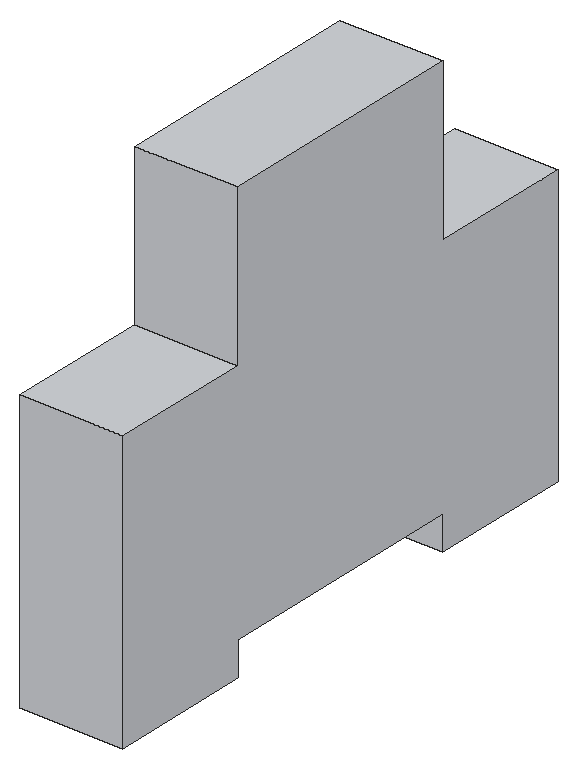
Revit family "Power-ModularDevices-GEWISS-90AM-SPD_TYPE2_PHONE", category Apparecchi elettrici, host Superficie, Revit 2016
Family settings
  Host = Superficie
  Mantenere orientamento annotazione = Sì
  Tipo di parte = Normale
  Quota connettore circolare = Usa diametro
  Numero OmniClass = 23.80.50.00
  Titolo OmniClass = Terminals for Power Supply
  Taglio con vuoti quando caricato = No
  Condiviso = No
  Punto di calcolo locali = Sì
Parameters (values of type "GWD6430 - LST - SPD FOR PHONE LINE ADSL/PSTN")
  potenza in watt = 0 V
  carico = Altro
  Version file RFA = "18.0"
  URL = "https://www.gewiss.com/ww/en"
  Type: = "Telephone/data lines"
  Type = "Telephone/data lines"
  Technical sheet = "https://www.gewiss.com/ww/en/search?q=GWD6430"
  Spostamento_x = -340 mm
  SS [instance] = 69.967 mm
  SEO = "Limiter"
  Realized by GEWISS S.p.A. = ""
  Rated voltage AC = "50V"
  Rated voltage = "50Vac"
  Default Elevation = 1219.2 mm
  Produttore = "GEWISS S.p.A."
  Numero di poli = 1
  Spost_x_eff [instance] = 4000 mm + Spostamento_x  # 3660 mm
  No. of modules EN 50022 = "1"
  No. Chorus modules = "1"
  Modello = "GWD6430"
  Maximum discharge current: = "10KA"
  Immagine tipo = GWD6430.jpg
  IFC.TypeObject = ""
  IFC.ExportType = ""
  IFC.ExportAs = ""
  IDT = "edf14c64-f18c-4414-8396-2d32234e7abe"
  IDF = "cbe7d0af-92f3-4a60-ab83-58e67a5db77d"
  Electrocod = "0641"
  EAN code = "8011564775053"
  Descrizione = "LST - SPD FOR PHONE LINE ADSL/PSTN"
  Catalogue Range = "90 AM"
  Catalogue = "POWER"
  COBie.Tagnumber = ""
  COBie.CreatedOn = ""
  COBie.CreatebBy = ""
  COBie.ComponentRegisterItemID = ""
  COBie.Component.TagNumber = ""
  COBie.Component.Space = ""
  COBie.Component.SerialNumber = ""
  COBie.Component.InstallationDate = ""
  COBie.Component.Description = ""
  COBie.Component.BarCode = ""
  Barra_DIN [instance] = 0 mm
  Aux end-of-life contact = "No"
Types (2, lengths in mm): name | URL | Produttore | Descrizione
  (no name) | 0 | "GEWISS" | "LST - SCARIC.PER LINEA TELEF.ADSL/PSTN"
  GWD6430 - LST - SPD FOR PHONE LINE ADSL/PSTN | "https://www.gewiss.com/ww/en" | "GEWISS S.p.A." | "LST - SPD FOR PHONE LINE ADSL/PSTN"
Values of the unnamed type that differ from the named types
  Version file RFA = ""
  Type: = ""
  Type = ""
  Technical sheet = ""
  SEO = ""
  Rated voltage AC = ""
  Rated voltage = ""
  No. of modules EN 50022 = ""
  No. Chorus modules = ""
  Maximum discharge current: = ""
  IDT = ""
  IDF = ""
  Electrocod = ""
  EAN code = ""
  Catalogue Range = ""
  Catalogue = ""
  Aux end-of-life contact = ""
Reference planes
  plane 1 "Centro (Fronte/Retro)": y = 0
  plane 2: z = 0
  plane 3 "Centro (Sinistra/Destra)": x = 0
  plane 4: z = 0
Dimensions and locks
  "Barra_DIN": host face to plane 4
  aligned and locked: plane 2 to host face
  aligned and locked: level to host face
  aligned and locked: plane 3 "Centro (Sinistra/Destra)" to nested 1
  aligned and locked: plane 1 "Centro (Fronte/Retro)" to nested 1
Automatic sketch dimensions
  host sketch curve to host sketch curve = 6519.2 mm
  host sketch curve to host sketch curve = 4328.142 mm
Nested families
  nested 1: "GENERICO -90AM SCARICATORI LST X LINEE TELEFONICHE" at (0, 0, 7), type "GENERICO -90AM SCARICATORI LST X LINEE TELEFONICHE"
  nested 2: "SCAR" at (0, 61.964, 0), type "SCAR"
Connectors
  electrical at (0, 47.5, 25.5)
    settings: on nested 1, index 1, voltage 50 V, apparent load 0 VA, apparent load phase1 0 VA, apparent load phase2 0 VA, apparent load phase3 0 VA, power factor 1, load classification "Altro", number of poles 1, system type 31, power factor state 1, is connector primary yes, connector utility no, sub classification motor no, connector description ""
Definition of nested family "GENERICO -90AM SCARICATORI LST X LINEE TELEFONICHE"
  Parameters (values of type "GENERICO -90AM SCARICATORI LST X LINEE TELEFONICHE")
    h_barra din = if(Altezza barre = 1 mm, 69.9 mm, if(Altezza barre = 2 mm, 115.8 mm, 0 mm))  # 0 mm
    Default Elevation = 1219.2 mm
    H = if(AB_O = 1, AB_V, if(AB_O = 2, AB_H, 50.8 mm))  # 50.8 mm
    Dist barra din = 0 mm  # constant formula
    C1 = 49 mm  # constant formula
    C = 70 mm  # constant formula
    B = 95 mm  # constant formula
    Altezza barre = 5 mm  # constant formula
    AB_V = 3 mm  # constant formula
    AB_H = 5 mm  # constant formula
    AB_O = 0  # constant formula
    A = 18 mm  # constant formula
  Reference planes
    plane 1 "Centro (Fronte/Retro)": y = 0
    plane 2: z = 0
    plane 3 "Centro (Sinistra/Destra)": x = 0
    plane 4: y = -47.5
    plane 5: y = 47.5
    plane 6: z = 0
    plane 7: z = -6
    plane 8 "top": z = 70
    plane 9 "incasso": z = 43
    plane 10: y = -22.5
    plane 11: y = 22.5
    plane 12: x = -9
    plane 13: x = 9
    plane 14: through (4267.2, -42.5, 9) normal (0, -0.1901, 0.9818)
    plane 15 "POSIZIONE": z = 71
    plane 16: y = 10.353
    plane 17: y = -8.889
    plane 18: through (-18, -1524, 18.5) normal (-0.891, 0, -0.454)
    plane 19: through (-36.892, 84.001, 1200) normal (0.9205, -0.3907, 0)
    plane 20: through (63.319, -123.627, 1200) normal (-0.9925, 0.1219, 0)
  Forms (mm)
    Extrusion 1, solid
      sketch origin (0, 0, 0) x (0, 1, 0) y (0, 0, 1)
        loop
          line (-22.5, 0) -> (22.5, 0) -> (22.5, -6) -> (47.5, -6) -> (47.5, 43) -> (22.5, 43) -> (22.5, 71) -> (-22.5, 71) -> (-22.5, 43) -> (-47.5, 43) -> (-47.5, -6) -> (-22.5, -6) -> (-22.5, 0)
      from -9 to 9
  Lines and regions (mm)
    symbolic lines
      curve 1: line (0, 0, 15) -> (0, 0, -6)
      curve 2: line (0, -22.5, 0) -> (0, 22.5, 0)
    model lines, detail levels fine
      curve 3: line (-3.541, -20.324, 71) -> (-3.541, -21.905, 71)
      curve 4: line (-3.541, -21.905, 71) -> (-4.071, -21.905, 71)
      curve 5: line (-4.071, -21.905, 71) -> (-4.378, -21.866, 71)
      curve 6: line (-4.378, -21.866, 71) -> (-4.754, -21.7, 71)
      curve 7: line (-4.754, -21.7, 71) -> (-5.052, -21.423, 71)
      curve 8: line (-5.052, -21.423, 71) -> (-5.25, -21.05, 71)
      curve 9: line (-5.25, -21.05, 71) -> (-5.311, -20.652, 71)
      curve 10: line (-5.311, -20.652, 71) -> (-5.252, -20.286, 71)
      curve 11: line (-5.252, -20.286, 71) -> (-5.093, -19.962, 71)
      curve 12: line (-5.093, -19.962, 71) -> (-4.808, -19.667, 71)
      curve 13: line (-4.808, -19.667, 71) -> (-4.464, -19.488, 71)
      curve 14: line (-4.464, -19.488, 71) -> (-4.076, -19.424, 71)
      curve 15: line (-4.076, -19.424, 71) -> (-3.541, -19.424, 71)
      curve 16: line (-3.541, -19.424, 71) -> (-3.541, -20.106, 71)
      curve 17: line (-3.541, -20.106, 71) -> (-4.441, -20.106, 71)
      curve 18: line (-4.441, -20.106, 71) -> (-4.441, -21.224, 71)
      curve 19: line (-4.441, -21.224, 71) -> (-4.222, -21.224, 71)
      curve 20: line (-4.222, -21.224, 71) -> (-4.222, -20.324, 71)
      curve 21: line (-4.222, -20.324, 71) -> (-3.541, -20.324, 71)
      curve 22: line (-1.401, -21.905, 71) -> (-3.323, -21.905, 71)
      curve 23: line (-3.323, -21.905, 71) -> (-3.323, -19.424, 71)
      curve 24: line (-3.323, -19.424, 71) -> (-2.301, -19.424, 71)
      curve 25: line (-2.301, -19.424, 71) -> (-2.301, -20.106, 71)
      curve 26: line (-2.301, -20.106, 71) -> (-2.642, -20.106, 71)
      curve 27: line (-2.642, -20.106, 71) -> (-2.642, -20.324, 71)
      curve 28: line (-2.642, -20.324, 71) -> (-1.401, -20.324, 71)
      curve 29: line (-1.401, -20.324, 71) -> (-1.401, -21.006, 71)
      curve 30: line (-1.401, -21.006, 71) -> (-2.641, -21.006, 71)
      curve 31: line (-2.641, -21.006, 71) -> (-2.641, -21.223, 71)
      curve 32: line (-2.641, -21.223, 71) -> (-1.401, -21.223, 71)
      curve 33: line (-1.401, -21.223, 71) -> (-1.401, -21.905, 71)
      curve 34: line (2.075, -21.905, 71) -> (2.075, -20.324, 71)
      curve 35: line (2.075, -20.324, 71) -> (1.394, -20.324, 71)
      curve 36: line (1.394, -20.324, 71) -> (1.394, -21.905, 71)
      curve 37: line (1.394, -21.905, 71) -> (2.075, -21.905, 71)
      curve 38: line (-0.208, -21.905, 71) -> (-0.004, -20.883, 71)
      curve 39: line (-0.004, -20.883, 71) -> (0.201, -21.905, 71)
      curve 40: line (0.201, -21.905, 71) -> (0.882, -21.905, 71)
      curve 41: line (0.882, -21.905, 71) -> (1.305, -20.106, 71)
      curve 42: line (1.305, -20.106, 71) -> (2.075, -20.106, 71)
      curve 43: line (2.075, -20.106, 71) -> (2.075, -19.424, 71)
      curve 44: line (2.075, -19.424, 71) -> (0.766, -19.424, 71)
      curve 45: line (0.766, -19.424, 71) -> (0.521, -20.474, 71)
      curve 46: line (0.521, -20.474, 71) -> (0.351, -19.424, 71)
      curve 47: line (0.351, -19.424, 71) -> (-0.358, -19.424, 71)
      curve 48: line (-0.358, -19.424, 71) -> (-0.529, -20.474, 71)
      curve 49: line (-0.529, -20.474, 71) -> (-0.774, -19.424, 71)
      curve 50: line (-0.774, -19.424, 71) -> (-2.083, -19.424, 71)
      curve 51: line (-2.083, -19.424, 71) -> (-2.083, -20.106, 71)
      curve 52: line (-2.083, -20.106, 71) -> (-1.312, -20.106, 71)
      curve 53: line (-1.312, -20.106, 71) -> (-0.891, -21.905, 71)
      curve 54: line (-0.891, -21.905, 71) -> (-0.208, -21.905, 71)
      curve 55: line (4.215, -19.424, 71) -> (2.293, -19.424, 71)
      curve 56: line (2.293, -19.424, 71) -> (2.293, -21.005, 71)
      curve 57: line (2.293, -21.005, 71) -> (3.534, -21.005, 71)
      curve 58: line (3.534, -21.005, 71) -> (3.534, -21.223, 71)
      curve 59: line (3.534, -21.223, 71) -> (2.293, -21.223, 71)
      curve 60: line (2.293, -21.223, 71) -> (2.293, -21.905, 71)
      curve 61: line (2.293, -21.905, 71) -> (4.215, -21.905, 71)
      curve 62: line (4.215, -21.905, 71) -> (4.215, -20.324, 71)
      curve 63: line (4.215, -20.324, 71) -> (2.975, -20.324, 71)
      curve 64: line (2.975, -20.324, 71) -> (2.975, -20.106, 71)
      curve 65: line (2.975, -20.106, 71) -> (4.215, -20.106, 71)
      curve 66: line (4.215, -20.106, 71) -> (4.215, -19.424, 71)
      curve 67: line (4.433, -19.424, 71) -> (4.433, -21.005, 71)
      curve 68: line (4.433, -21.005, 71) -> (5.59, -21.005, 71)
      curve 69: line (5.59, -21.005, 71) -> (5.59, -21.223, 71)
      curve 70: line (5.59, -21.223, 71) -> (4.433, -21.223, 71)
      curve 71: line (4.433, -21.223, 71) -> (4.433, -21.905, 71)
      curve 72: line (4.433, -21.905, 71) -> (5.115, -21.905, 71)
      curve 73: line (5.115, -21.905, 71) -> (5.509, -21.779, 71)
      curve 74: line (5.509, -21.779, 71) -> (5.763, -21.613, 71)
      curve 75: line (5.763, -21.613, 71) -> (6.053, -21.256, 71)
      curve 76: line (6.053, -21.256, 71) -> (6.189, -20.856, 71)
      curve 77: line (6.189, -20.856, 71) -> (6.193, -20.5, 71)
      curve 78: line (6.193, -20.5, 71) -> (6.156, -20.324, 71)
      curve 79: line (6.156, -20.324, 71) -> (5.115, -20.324, 71)
      curve 80: line (5.115, -20.324, 71) -> (5.115, -20.106, 71)
      curve 81: line (5.115, -20.106, 71) -> (6.063, -20.106, 71)
      curve 82: line (6.063, -20.106, 71) -> (5.94, -19.9, 71)
      curve 83: line (5.94, -19.9, 71) -> (5.763, -19.716, 71)
      curve 84: line (5.763, -19.716, 71) -> (5.516, -19.554, 71)
      curve 85: line (5.516, -19.554, 71) -> (5.258, -19.46, 71)
      curve 86: line (5.258, -19.46, 71) -> (4.968, -19.424, 71)
      curve 87: line (4.968, -19.424, 71) -> (4.433, -19.424, 71)
    model lines
      curve 88: line (-9, 47.5, 43) -> (-9, 22.5, 43)
      curve 89: line (9, 47.5, 43) -> (9, 22.5, 43)
      curve 91: line (-9, -22.5, 43) -> (-9, -47.5, 43)
      curve 92: line (9, -22.5, 43) -> (9, -47.5, 43)
      curve 93: line (-9, 22.5, 71) -> (-9, 10.353, 71)
      curve 94: line (9, 22.5, 71) -> (9, 10.353, 71)
      curve 95: line (-9, -8.889, 71) -> (-9, -22.5, 71)
      curve 96: line (9, -8.889, 71) -> (9, -22.5, 71)
    model lines, detail levels medium+fine
      curve 90: circle (-5.334, 35.762, 43) r 1.444 normal (0, 0, 1)
      curve 97: circle (-0.156, 35.762, 43) r 1.444 normal (0, 0, 1)
      curve 98: circle (5.469, 35.762, 43) r 1.444 normal (0, 0, 1)
      curve 99: circle (-5.334, -39.238, 43) r 1.444 normal (0, 0, 1)
      curve 100: circle (-0.156, -39.238, 43) r 1.444 normal (0, 0, 1)
      curve 101: circle (5.469, -39.238, 43) r 1.444 normal (0, 0, 1)
      curve 102: line (0.459, -1.004, 71) -> (0.173, -1.004, 71)
      curve 103: line (0.173, -1.004, 71) -> (-3.001, -1.244, 71)
      curve 104: line (-3.001, -1.244, 71) -> (-3.585, -1.798, 71)
      curve 105: line (-3.585, -1.798, 71) -> (-4.038, -2.996, 71)
      curve 106: line (-4.038, -2.996, 71) -> (-4.58, -3.277, 71)
      curve 107: line (-4.58, -3.277, 71) -> (-6.197, -3.294, 71)
      curve 108: line (-6.197, -3.294, 71) -> (-6.772, -3.194, 71)
      curve 109: line (-6.772, -3.194, 71) -> (-7.198, -2.726, 71)
      curve 110: line (-7.198, -2.726, 71) -> (-7.238, -2.236, 71)
      curve 111: line (-7.238, -2.236, 71) -> (-6.669, -0.519, 71)
      curve 112: line (-6.669, -0.519, 71) -> (-5.797, 0.51, 71)
      curve 113: line (-5.797, 0.51, 71) -> (-4.597, 1.127, 71)
      curve 114: line (-4.597, 1.127, 71) -> (-2.965, 1.405, 71)
      curve 115: line (-2.965, 1.405, 71) -> (0.173, 1.612, 71)
      curve 116: line (0.173, 1.612, 71) -> (0.459, 1.612, 71)
      curve 117: line (0.459, 1.612, 71) -> (3.596, 1.405, 71)
      curve 118: line (3.596, 1.405, 71) -> (5.229, 1.127, 71)
      curve 119: line (5.229, 1.127, 71) -> (6.428, 0.51, 71)
      curve 120: line (6.428, 0.51, 71) -> (7.3, -0.519, 71)
      curve 121: line (7.3, -0.519, 71) -> (7.87, -2.236, 71)
      curve 122: line (7.87, -2.236, 71) -> (7.83, -2.726, 71)
      curve 123: line (7.83, -2.726, 71) -> (7.404, -3.194, 71)
      curve 124: line (7.404, -3.194, 71) -> (6.828, -3.294, 71)
      curve 125: line (6.828, -3.294, 71) -> (5.212, -3.277, 71)
      curve 126: line (5.212, -3.277, 71) -> (4.669, -2.996, 71)
      curve 127: line (4.669, -2.996, 71) -> (4.217, -1.798, 71)
      curve 128: line (4.217, -1.798, 71) -> (3.633, -1.244, 71)
      curve 129: line (3.633, -1.244, 71) -> (0.459, -1.004, 71)
      curve 130: line (0.316, -2.084, 71) -> (-0.717, -2.412, 71)
      curve 131: line (-0.717, -2.412, 71) -> (-1.213, -3.009, 71)
      curve 132: line (-1.213, -3.009, 71) -> (-1.426, -3.826, 71)
      curve 133: line (-1.426, -3.826, 71) -> (-1.158, -4.762, 71)
      curve 134: line (-1.158, -4.762, 71) -> (-0.501, -5.354, 71)
      curve 135: line (-0.501, -5.354, 71) -> (0.316, -5.567, 71)
      curve 136: line (0.316, -5.567, 71) -> (1.489, -5.105, 71)
      curve 137: line (1.489, -5.105, 71) -> (1.949, -4.412, 71)
      curve 138: line (1.949, -4.412, 71) -> (2.032, -3.57, 71)
      curve 139: line (2.032, -3.57, 71) -> (1.721, -2.806, 71)
      curve 140: line (1.721, -2.806, 71) -> (1.041, -2.248, 71)
      curve 141: line (1.041, -2.248, 71) -> (0.316, -2.084, 71)
      curve 142: line (0.316, -8.912, 71) -> (-4.642, -8.912, 71)
      curve 143: line (-4.642, -8.912, 71) -> (-5.494, -8.686, 71)
      curve 144: line (-5.494, -8.686, 71) -> (-5.753, -8.252, 71)
      curve 145: line (-5.753, -8.252, 71) -> (-5.714, -6.863, 71)
      curve 146: line (-5.714, -6.863, 71) -> (-4.273, -5.083, 71)
      curve 147: line (-4.273, -5.083, 71) -> (-3.704, -4.566, 71)
      curve 148: line (-3.704, -4.566, 71) -> (-2.972, -4.531, 71)
      curve 149: line (-2.972, -4.531, 71) -> (-2.591, -4.742, 71)
      curve 150: line (-2.591, -4.742, 71) -> (-2.193, -5.399, 71)
      curve 151: line (-2.193, -5.399, 71) -> (-1.388, -6.245, 71)
      curve 152: line (-1.388, -6.245, 71) -> (-0.629, -6.63, 71)
      curve 153: line (-0.629, -6.63, 71) -> (0.316, -6.787, 71)
      curve 154: line (0.316, -6.787, 71) -> (1.26, -6.63, 71)
      curve 155: line (1.26, -6.63, 71) -> (2.02, -6.245, 71)
      curve 156: line (2.02, -6.245, 71) -> (2.824, -5.399, 71)
      curve 157: line (2.824, -5.399, 71) -> (3.223, -4.742, 71)
      curve 158: line (3.223, -4.742, 71) -> (3.603, -4.531, 71)
      curve 159: line (3.603, -4.531, 71) -> (4.336, -4.566, 71)
      curve 160: line (4.336, -4.566, 71) -> (4.904, -5.083, 71)
      curve 161: line (4.904, -5.083, 71) -> (6.346, -6.863, 71)
      curve 162: line (6.346, -6.863, 71) -> (6.385, -8.252, 71)
      curve 163: line (6.385, -8.252, 71) -> (6.125, -8.686, 71)
      curve 164: line (6.125, -8.686, 71) -> (5.274, -8.912, 71)
      curve 165: line (5.274, -8.912, 71) -> (0.316, -8.912, 71)
  Text (mm)
    text "AB_V" at (0, 50.868, 44.72), in view "Destra"
    text "AB_O" at (0, -80.659, 111.963), in view "Destra"
    text "AB_O" at (-90.351, 0, 31.414), in view "Anteriore"
    text "AB_V=0" at (25.467, -49.469, 0), in view "Livello rif."
  Dimensions and locks
    equal spacing: plane 4, plane 1 "Centro (Fronte/Retro)", plane 5
    "B": plane 4 to plane 5
    "Dist barra din": plane 6 to level
    locked: plane 6 to plane 7 at 6
    "C": plane 8 "top" to plane 6
    equal spacing: plane 10, plane 1 "Centro (Fronte/Retro)", plane 11
    plane 10 to plane 11 = 45 mm
    equal spacing: plane 12, plane 3 "Centro (Sinistra/Destra)", plane 13
    "A": plane 12 to plane 13
    "C1": plane 9 "incasso" to plane 7
    locked: plane 15 "POSIZIONE" to plane 9 "incasso" at 28
    plane 12 to plane 13 = 18 mm
    angle level to plane 14 = 10.9557°
    angle plane 4 to plane 8 "top" = 90.00°
    angle plane 15 "POSIZIONE" to plane 13 = 90.00°
    angle plane 7 to plane 18 = 117.00°
    angle plane 19 to plane 20 = 16.00°
    angle plane 20 to plane 13 = 7.00°
    aligned and locked: level to plane 2
    aligned and locked: Extrusion 1 sketch curve to plane 6
    aligned and locked: Extrusion 1 sketch curve to plane 7
    aligned and locked: Extrusion 1 sketch curve to plane 4
    aligned and locked: Extrusion 1 sketch curve to plane 9 "incasso"  (x2)
    aligned and locked: Extrusion 1 sketch curve to plane 11  (x2)
    aligned and locked: Extrusion 1 sketch curve to plane 5
    aligned and locked: Extrusion 1 sketch curve to plane 10  (x2)
    aligned and locked: plane 1 "Centro (Fronte/Retro)" to curve 1
    aligned and locked: Extrusion 1 to plane 6
    aligned and locked: Extrusion 1 to plane 12
    aligned and locked: plane 13 to Extrusion 1
    aligned and locked: plane 15 "POSIZIONE" to Extrusion 1 sketch curve
  Automatic sketch dimensions
    Extrusion 1 sketch curve to plane 7 = 0 mm
    curve 2 to level = 0 mm
    curve 2 to plane 10 = 0 mm
    curve 2 to plane 11 = 0 mm
    curve 1 to plane 7 = 0 mm
    level to curve 1 = 15 mm
    curve 89 to plane 5 = 0 mm
    curve 88 to plane 5 = 0 mm
    curve 88 to plane 11 = 0 mm
    curve 89 to plane 11 = 0 mm
    curve 92 to plane 10 = 0 mm
    curve 91 to plane 10 = 0 mm
    curve 91 to plane 4 = 0 mm
    curve 92 to plane 4 = 0 mm
    curve 88 to plane 12 = 0 mm
    curve 91 to plane 12 = 0 mm
    curve 89 to plane 13 = 0 mm
    curve 92 to plane 13 = 0 mm
    plane 12 to curve 90 = 3.666 mm
    curve 90 to plane 5 = 11.738 mm
    curve 97 to plane 3 "Centro (Sinistra/Destra)" = 0.156 mm
    curve 90 to curve 97 = 0 mm
    curve 97 to curve 98 = 0 mm
    curve 101 to plane 13 = 3.531 mm
    plane 4 to curve 101 = 8.262 mm
    plane 12 to curve 99 = 3.666 mm
    plane 4 to curve 99 = 8.262 mm
    curve 100 to plane 3 "Centro (Sinistra/Destra)" = 0.156 mm
    curve 99 to curve 100 = 0 mm
    curve 98 to plane 13 = 3.531 mm
    curve 93 to plane 12 = 0 mm
    curve 95 to plane 12 = 0 mm
    curve 94 to plane 11 = 0 mm
    curve 94 to plane 13 = 0 mm
    curve 96 to plane 13 = 0 mm
    curve 95 to plane 10 = 0 mm
    curve 96 to plane 10 = 0 mm
    plane 17 to curve 95 = 0 mm
    plane 17 to curve 96 = 0 mm
    plane 16 to curve 93 = 0 mm
    plane 16 to curve 94 = 0 mm
    curve 93 to plane 11 = 0 mm
    plane 12 to curve 110 = 1.762 mm
    curve 110 to curve 110 = 0.04 mm
    curve 109 to curve 109 = 0.426 mm
    plane 1 "Centro (Fronte/Retro)" to curve 111 = 0.519 mm
    curve 110 to curve 111 = 0.57 mm
    curve 108 to curve 108 = 0.576 mm
    plane 12 to curve 10 = 3.689 mm
    curve 9 to curve 11 = 0.059 mm
    plane 10 to curve 9 = 1.45 mm
    curve 9 to curve 9 = 0.061 mm
    curve 113 to plane 1 "Centro (Fronte/Retro)" = 0.51 mm
    curve 111 to curve 113 = 0.872 mm
    curve 144 to plane 17 = 0.637 mm
    plane 12 to curve 144 = 3.247 mm
    curve 10 to curve 11 = 0.159 mm
    curve 144 to curve 145 = 0.039 mm
    plane 10 to curve 7 = 1.077 mm
    curve 8 to curve 7 = 0.198 mm
    curve 143 to plane 17 = 0.204 mm
    curve 144 to curve 143 = 0.26 mm
    curve 11 to curve 12 = 0.285 mm
    plane 10 to curve 6 = 0.8 mm
    curve 7 to curve 6 = 0.298 mm
    curve 12 to curve 14 = 0.345 mm
    curve 12 to curve 17 = 0.367 mm
    plane 10 to curve 6 = 0.634 mm
    curve 6 to curve 6 = 0.376 mm
    curve 18 to curve 20 = 0.219 mm
    curve 13 to curve 15 = 0.388 mm
    plane 10 to curve 5 = 0.595 mm
    curve 5 to curve 5 = 0.307 mm
    plane 17 to curve 142 = 0.023 mm
    curve 143 to curve 142 = 0.851 mm
    curve 113 to plane 1 "Centro (Fronte/Retro)" = 1.127 mm
    curve 112 to curve 113 = 1.2 mm
    curve 107 to curve 106 = 1.617 mm
    curve 106 to curve 146 = 0.307 mm
    curve 20 to curve 17 = 0.681 mm
    curve 21 to curve 16 = 0 mm
    curve 106 to curve 106 = 0.542 mm
    curve 3 to curve 23 = 0.218 mm
    curve 146 to curve 147 = 0.568 mm
    curve 105 to curve 105 = 0.453 mm
    curve 3 to curve 28 = 0.899 mm
    curve 27 to curve 31 = 0.001 mm
    curve 104 to curve 104 = 0.583 mm
    curve 147 to curve 149 = 0.732 mm
    curve 113 to curve 115 = 1.632 mm
    curve 26 to curve 25 = 0.341 mm
    curve 25 to curve 51 = 0.218 mm
    curve 148 to curve 149 = 0.381 mm
    curve 149 to curve 150 = 0.399 mm
    curve 51 to curve 29 = 0.681 mm
    curve 29 to curve 22 = 0 mm
    curve 28 to curve 53 = 0.089 mm
    curve 22 to curve 53 = 0.51 mm
    curve 132 to plane 3 "Centro (Sinistra/Destra)" = 1.426 mm
    curve 49 to plane 3 "Centro (Sinistra/Destra)" = 0.774 mm
    curve 151 to plane 3 "Centro (Sinistra/Destra)" = 1.388 mm
    curve 132 to plane 3 "Centro (Sinistra/Destra)" = 1.213 mm
    curve 134 to plane 3 "Centro (Sinistra/Destra)" = 1.158 mm
    curve 48 to plane 3 "Centro (Sinistra/Destra)" = 0.529 mm
    curve 48 to plane 3 "Centro (Sinistra/Destra)" = 0.358 mm
    curve 54 to plane 3 "Centro (Sinistra/Destra)" = 0.208 mm
    curve 131 to plane 3 "Centro (Sinistra/Destra)" = 0.717 mm
    curve 38 to plane 3 "Centro (Sinistra/Destra)" = 0.004 mm
    curve 153 to plane 3 "Centro (Sinistra/Destra)" = 0.629 mm
    curve 134 to plane 3 "Centro (Sinistra/Destra)" = 0.501 mm
    plane 3 "Centro (Sinistra/Destra)" to curve 39 = 0.201 mm
    plane 3 "Centro (Sinistra/Destra)" to curve 47 = 0.351 mm
    plane 3 "Centro (Sinistra/Destra)" to curve 46 = 0.521 mm
    curve 46 to curve 44 = 0.416 mm
    plane 3 "Centro (Sinistra/Destra)" to curve 103 = 0.173 mm
    plane 3 "Centro (Sinistra/Destra)" to curve 116 = 0.173 mm
    curve 39 to curve 41 = 0.682 mm
    plane 3 "Centro (Sinistra/Destra)" to curve 130 = 0.316 mm
    plane 3 "Centro (Sinistra/Destra)" to curve 153 = 0.316 mm
    plane 3 "Centro (Sinistra/Destra)" to curve 165 = 0.316 mm
    curve 135 to curve 136 = 0.817 mm
    curve 115 to curve 117 = 0.286 mm
    curve 102 to curve 102 = 0.286 mm
    curve 45 to curve 41 = 0.784 mm
    curve 41 to curve 35 = 0.089 mm
    curve 130 to curve 140 = 0.726 mm
    curve 153 to curve 155 = 0.944 mm
    curve 35 to curve 43 = 0.682 mm
    curve 36 to curve 37 = 0.682 mm
    curve 135 to curve 137 = 1.173 mm
    curve 43 to curve 56 = 0.218 mm
    curve 34 to curve 61 = 0.218 mm
    curve 140 to curve 140 = 0.68 mm
    curve 136 to curve 137 = 0.46 mm
    curve 154 to curve 155 = 0.759 mm
    curve 139 to curve 138 = 0.311 mm
    curve 34 to curve 64 = 0.9 mm
    curve 155 to curve 157 = 0.805 mm
    curve 63 to curve 58 = 0.559 mm
    curve 157 to curve 158 = 0.399 mm
    curve 64 to curve 55 = 1.24 mm
    curve 63 to curve 65 = 0 mm
    curve 118 to plane 1 "Centro (Fronte/Retro)" = 1.405 mm
    curve 116 to curve 118 = 3.137 mm
    curve 157 to curve 158 = 0.381 mm
    plane 1 "Centro (Fronte/Retro)" to curve 128 = 1.244 mm
    curve 139 to curve 128 = 1.912 mm
    curve 61 to curve 70 = 0.218 mm
    curve 55 to curve 67 = 0.218 mm
    plane 1 "Centro (Fronte/Retro)" to curve 128 = 1.798 mm
    curve 128 to curve 128 = 0.583 mm
    curve 158 to curve 159 = 0.732 mm
    curve 67 to curve 87 = 0.535 mm
    curve 86 to curve 80 = 0.147 mm
    curve 71 to curve 72 = 0.682 mm
    curve 86 to curve 85 = 0.29 mm
    curve 128 to curve 126 = 0.453 mm
    plane 10 to curve 74 = 0.721 mm
    curve 72 to curve 74 = 0.394 mm
    curve 85 to curve 84 = 0.258 mm
    curve 159 to curve 161 = 0.568 mm
    curve 73 to curve 69 = 0.081 mm
    curve 84 to curve 83 = 0.247 mm
    plane 10 to curve 74 = 0.887 mm
    curve 73 to curve 74 = 0.254 mm
    curve 126 to curve 126 = 0.542 mm
    curve 119 to plane 1 "Centro (Fronte/Retro)" = 1.127 mm
    curve 118 to curve 119 = 1.632 mm
    curve 164 to plane 13 = 3.726 mm
    curve 83 to curve 83 = 0.177 mm
    plane 10 to curve 76 = 1.244 mm
    curve 74 to curve 76 = 0.291 mm
    curve 82 to curve 81 = 0.123 mm
    curve 81 to curve 78 = 0.093 mm
    curve 75 to curve 77 = 0.135 mm
    curve 78 to curve 77 = 0.037 mm
    curve 164 to plane 17 = 0.204 mm
    curve 164 to curve 164 = 0.851 mm
    curve 163 to curve 161 = 0.22 mm
    curve 163 to plane 17 = 0.637 mm
    curve 163 to curve 163 = 0.26 mm
    curve 120 to plane 1 "Centro (Fronte/Retro)" = 0.51 mm
    curve 118 to curve 120 = 1.2 mm
    curve 124 to plane 13 = 2.172 mm
    plane 1 "Centro (Fronte/Retro)" to curve 120 = 0.519 mm
    curve 120 to plane 13 = 1.7 mm
    curve 124 to curve 124 = 0.576 mm
    curve 123 to plane 13 = 1.17 mm
    curve 122 to curve 121 = 0.04 mm
    plane 10 to curve 62 = 0.595 mm
    curve 37 to curve 60 = 0 mm
    plane 10 to curve 38 = 0.595 mm
    curve 61 to curve 72 = 0 mm
    curve 33 to curve 53 = 0 mm
    curve 38 to curve 39 = 0 mm
    curve 6 to curve 18 = 0.477 mm
    curve 22 to curve 33 = 0.682 mm
    curve 61 to curve 58 = 0.682 mm
    curve 71 to curve 71 = 0.682 mm
    curve 32 to curve 29 = 0.218 mm
    curve 59 to curve 57 = 0.218 mm
    curve 69 to curve 69 = 0.218 mm
    curve 39 to curve 39 = 1.022 mm
    curve 75 to curve 77 = 0.4 mm
    curve 8 to curve 10 = 0.398 mm
    curve 76 to curve 78 = 0.355 mm
    curve 38 to curve 46 = 0.409 mm
    curve 38 to curve 49 = 0.409 mm
    curve 19 to curve 21 = 0.9 mm
    curve 77 to curve 78 = 0.177 mm
    curve 56 to curve 34 = 0.682 mm
    curve 57 to curve 63 = 0.682 mm
    curve 29 to curve 29 = 0.682 mm
    curve 9 to curve 10 = 0.367 mm
    curve 78 to curve 81 = 0.218 mm
    curve 3 to curve 16 = 0.218 mm
    curve 35 to curve 41 = 0.218 mm
    curve 62 to curve 65 = 0.218 mm
    curve 28 to curve 52 = 0.218 mm
    curve 27 to curve 26 = 0.218 mm
    curve 10 to curve 11 = 0.323 mm
    curve 81 to curve 82 = 0.206 mm
    curve 82 to curve 83 = 0.184 mm
    curve 11 to curve 12 = 0.295 mm
    curve 83 to curve 84 = 0.162 mm
    curve 12 to curve 13 = 0.179 mm
    curve 84 to curve 86 = 0.094 mm
    curve 45 to curve 46 = 1.05 mm
    curve 13 to curve 14 = 0.064 mm
    curve 50 to curve 47 = 0 mm
    curve 46 to curve 44 = 0 mm
    curve 65 to curve 55 = 0.682 mm
    curve 85 to curve 86 = 0.036 mm
    curve 25 to curve 50 = 0 mm
    curve 163 to curve 161 = 1.389 mm
    curve 144 to curve 146 = 1.389 mm
    curve 154 to plane 17 = 2.103 mm
    curve 153 to curve 155 = 0.157 mm
    curve 153 to curve 153 = 0.157 mm
    curve 154 to curve 155 = 0.385 mm
    curve 152 to curve 151 = 0.385 mm
    curve 153 to curve 135 = 1.219 mm
    curve 151 to curve 150 = 0.846 mm
    curve 155 to curve 157 = 0.846 mm
    curve 135 to curve 135 = 0.213 mm
    curve 155 to curve 136 = 1.14 mm
    curve 151 to curve 147 = 0.316 mm
    curve 157 to curve 161 = 0.316 mm
    curve 134 to curve 133 = 0.593 mm
    curve 157 to curve 157 = 0.658 mm
    curve 151 to curve 150 = 0.658 mm
    curve 146 to curve 147 = 0.517 mm
    curve 161 to curve 160 = 0.517 mm
    curve 157 to curve 158 = 0.211 mm
    curve 149 to curve 149 = 0.211 mm
    curve 136 to curve 137 = 0.694 mm
    curve 133 to curve 132 = 0.936 mm
    curve 137 to curve 138 = 0.842 mm
    curve 161 to curve 125 = 1.788 mm
    curve 146 to curve 108 = 1.788 mm
    curve 159 to curve 125 = 1.289 mm
    curve 147 to curve 107 = 1.289 mm
    curve 107 to curve 109 = 0.101 mm
    curve 124 to curve 124 = 0.101 mm
    curve 132 to curve 131 = 0.817 mm
    curve 125 to curve 126 = 0.281 mm
    curve 106 to curve 106 = 0.281 mm
    curve 138 to curve 140 = 0.764 mm
    curve 108 to curve 110 = 0.468 mm
    curve 123 to curve 122 = 0.468 mm
    curve 131 to curve 131 = 0.596 mm
    curve 140 to curve 141 = 0.558 mm
    curve 109 to curve 110 = 0.49 mm
    curve 122 to curve 122 = 0.49 mm
    curve 140 to curve 141 = 0.164 mm
    curve 105 to curve 104 = 1.197 mm
    curve 104 to curve 104 = 0.554 mm
    plane 1 "Centro (Fronte/Retro)" to curve 102 = 1.004 mm
    curve 114 to plane 1 "Centro (Fronte/Retro)" = 1.405 mm
    curve 117 to plane 1 "Centro (Fronte/Retro)" = 1.612 mm
    radius of curve 90 = 1.444 mm
    radius of curve 97 = 1.444 mm
    radius of curve 98 = 1.444 mm
    radius of curve 99 = 1.444 mm
    radius of curve 100 = 1.444 mm
    radius of curve 101 = 1.444 mm
Definition of nested family "SCAR"
  Reference planes
    plane 1: y = 0
    plane 2: x = 0
  Lines and regions (mm)
    detail lines
      curve 1: line (0, 0, 0) -> (-0.001, 3.334, 0)
      curve 2: line (0.277, 3.334, 0) -> (-0.278, 3.334, 0)
      curve 3: line (-0.278, 3.334, 0) -> (-0.001, 4.223, 0)
      curve 4: line (-0.001, 4.223, 0) -> (0.277, 3.334, 0)
      curve 5: line (0.277, 3.334, 0) -> (-0.001, 4.223, 0)
      curve 6: line (-0.001, 4.223, 0) -> (-0.278, 3.334, 0)
      curve 7: line (-0.278, 3.334, 0) -> (0.277, 3.334, 0)
      curve 8: line (0.277, 3.334, 0) -> (-0.001, 4.223, 0)
      curve 9: line (-0.001, 4.223, 0) -> (-0.278, 3.334, 0)
      curve 10: line (-0.445, 4.612, 0) -> (0.444, 4.612, 0)
      curve 11: line (0.444, 4.612, 0) -> (0.444, 2.39, 0)
      curve 12: line (0.444, 2.39, 0) -> (-0.445, 2.389, 0)
      curve 13: line (-0.445, 2.389, 0) -> (-0.445, 4.612, 0)
    detail lines, not visible
      curve 14: line (0, 0, 0) -> (-0.001, 3.334, 0)
      curve 15: line (0.277, 3.334, 0) -> (-0.278, 3.334, 0)
      curve 16: line (-0.278, 3.334, 0) -> (-0.001, 4.223, 0)
      curve 17: line (-0.001, 4.223, 0) -> (0.277, 3.334, 0)
      curve 18: line (0.277, 3.334, 0) -> (-0.001, 4.223, 0)
      curve 19: line (-0.001, 4.223, 0) -> (-0.278, 3.334, 0)
      curve 20: line (-0.278, 3.334, 0) -> (0.277, 3.334, 0)
      curve 21: line (0.277, 3.334, 0) -> (-0.001, 4.223, 0)
      curve 22: line (-0.001, 4.223, 0) -> (-0.278, 3.334, 0)
      curve 23: line (-0.445, 4.612, 0) -> (0.444, 4.612, 0)
      curve 24: line (0.444, 4.612, 0) -> (0.444, 2.39, 0)
      curve 25: line (0.444, 2.39, 0) -> (-0.445, 2.389, 0)
      curve 26: line (-0.445, 2.389, 0) -> (-0.445, 4.612, 0)
  Dimensions and locks
    aligned and locked: plane 1 to curve 1
